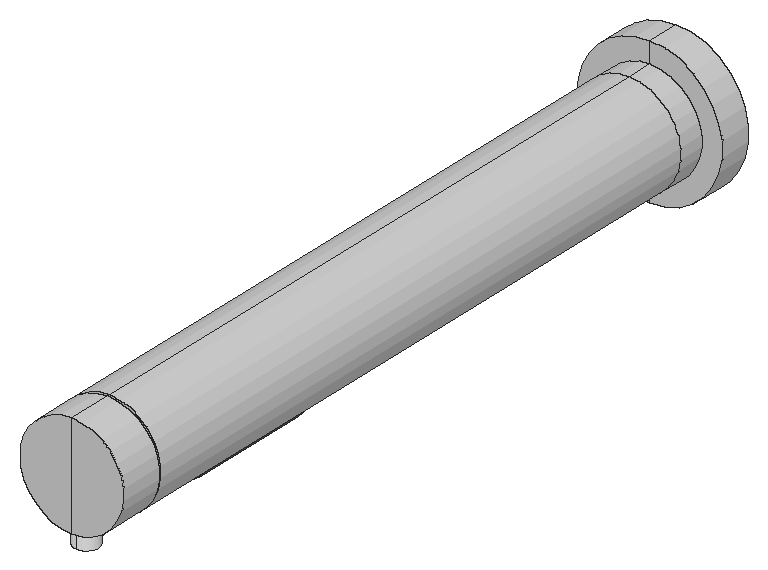
Revit family "DSDR0127_REVIT", category Generic Models, Revit 2017
Family settings
  Can host rebar = No
  Round Connector Dimension = Use Diameter
  Part Type = Normal
  Work Plane-Based = No
  Always vertical = Yes
  Cut with Voids When Loaded = No
  Shared = No
  Room Calculation Point = No
Parameters
  Website = "https://dolphy.in/"  # constant formula
  Contact number = "+91 9520202035"  # constant formula
  Contact email = "info@dolphy.in"  # constant formula
  Company name = "Dolphy India"  # constant formula
Reference planes
  plane 1 "Center (Front/Back)": y = 0
  plane 2: z = 0
  plane 3 "Center (Left/Right)": x = 0
Forms (mm)
  Revolve 1, solid, material "Chrome"
    sketch origin (-0.158, 266.807, 0) x (0, 1, 0) y (0, 0, -1)
      loop
        line (-500, 0) -> (-500, -16) -> (-486.334, -16) -> (-486.334, -14.98) -> (-485.438, -14.98) -> (-485.438, -16) -> (-284.74, -16) -> (-276.807, -16) -> (-276.807, -22.5) -> (-266.807, -22.5) -> (-266.807, 0) -> (-500, 0)
      axis (-500, 0) -> (-266.807, 0)
    angle from 0 to 360
  Revolve 2, solid, material "Chrome Plating"
    sketch origin (-0.158, 232.291, 144.056) x (0, 1, 0) y (0, 0, -1)
      loop
        line (-462.725, 160.096) -> (-462.725, 165.096) -> (-463.782, 165.096) -> (-463.782, 160.096) -> (-462.725, 160.096)
      axis (-460, 160.096) -> (-460, 165.096)
    angle from 0 to 360
  Extrusion 3, solid, material "Sensor"
    sketch origin (-0.158, 266.807, 118.407) x (1, 0, 0) y (0, 0, -1)
      loop
        arc (12.589, 128.7) -> (7, 133.212) -> (0, 134.825) r 16
        arc (0, 134.825) -> (-7, 133.212) -> (-12.589, 128.7) r 16
        line (-12.589, 128.7) -> (12.589, 128.7)
    from -463.94 to -426.141
Dimensions and locks
  aligned and locked: level to plane 2
